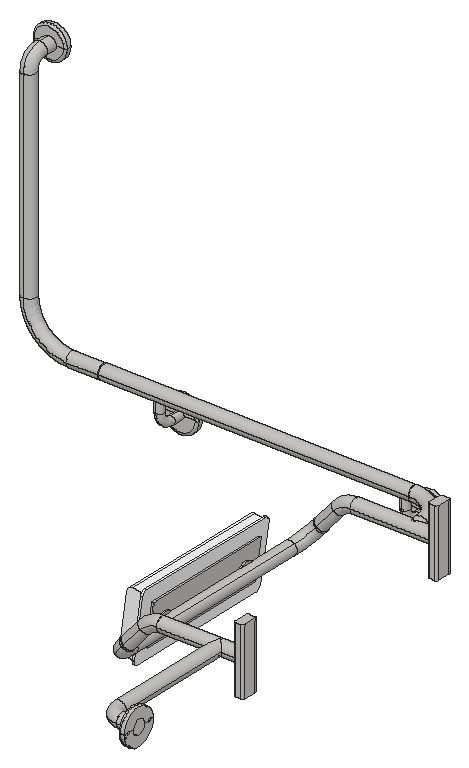
Revit family "rba-bim-rba4150-229", category Plumbing Fixtures, Revit 2016
Family settings
  Part Type = Normal
  Round Connector Dimension = Use Diameter
  Work Plane-Based = No
  Always vertical = Yes
  Cut with Voids When Loaded = No
  Shared = No
  Room Calculation Point = No
Parameters (values of type "RBA4150-229")
  Watermarked By = "www.rba.com.au"
  URL = "http://www.rba.com.au"
  R_Void [instance] = 15 mm
  R [instance] = 0 mm
  Model = "RBA4150-229"
  Manufacturer = "RBA GROUP"
  Description = "Wraparound, 2 Wall Grab Bar, 90 Deg Riser, Right Hand, Intergrated Backrest"
  Copyrighted by = "RBA Group"  # constant formula
  Backrest Material = Polyurethane White
  Assembly Code = ""
Reference planes
  plane 1 "Center (Front/Back)": y = 0
  plane 2: z = 0
  plane 3: y = -1062.5
  plane 4: y = -455
  plane 5: y = -455
  plane 6: y = -172.5
  plane 7: y = -737.5
  plane 8: y = -70.5
  plane 9: y = -86.967
  plane 10: z = -184.004
  plane 11: z = 15.996
  plane 12: z = 599.965
  plane 13: y = -910
  plane 14: z = -100
  plane 15: z = -40
  plane 16: x = 644.117
  plane 17: x = 704.117
  plane 18: z = -100
  plane 19: z = -40
  plane 20: x = 71.363
  plane 21: x = 131.363
  plane 22: z = -30
  plane 23: z = 30
  plane 24: y = -1035.317
  plane 25: y = -1095.317
  plane 26: y = -839.5
  plane 27: y = -823.034
  plane 28: y = 152.5
  plane 29: z = -100
  plane 30: z = -40
  plane 31: x = 644.117
  plane 32: x = 704.117
  plane 33: z = -100
  plane 34: z = -40
  plane 35: x = 71.363
  plane 36: x = 131.363
  plane 37: z = -30
  plane 38: z = 30
  plane 39: y = -1035.317
  plane 40: y = -1095.317
  plane 41: x = -203.637
  plane 42: y = -175.317
  plane 43: y = -740.317
  plane 44: y = -1065.317
  plane 45: x = 101.363
  plane 46: x = 846.617
  plane 47: x = 675.367
  plane 48: z = -184.004
  plane 49: y = -275.317
  plane 50: y = -640.317
Forms (mm)
  Revolve 1, solid, material "Rail Steel"
    sketch origin (865.28, -1065.317, 0) x (-1, 0, 0) y (0, -1, 0)
      loop
        line (18.663, 0) -> (18.663, -41.5) -> (27.844, -41.5)
        arc (27.844, -41.5) -> (31.337, -40.077) -> (32.842, -36.617) r 5
        line (32.842, -36.617) -> (33.701, 0) -> (18.663, 0)
      axis (18.663, 0) -> (33.701, 0)
    angle from 0 to 360
  Sweep 2, solid, material "Rail Steel"
    path origin (856.071, -1078.286, 0) x (-1, 0, 0) y (0, -1, 0)
      loop
        line (80.454, -902.969) -> (80.454, -924.5)
        arc (80.454, -924.5) -> (103.886, -981.069) -> (160.454, -1004.5) r 80
        line (160.454, -1004.5) -> (885.454, -1004.5)
    profile origin (775.617, -164.552, 0) x (-1, 0, 0) y (0, 0, 1)
      loop
        circle (0, 0) r 16
  Revolve 3, solid, material "Rail Steel"
    sketch origin (674.742, 18.346, -71.25) x (0, -1, 0) y (1, 0, 0)
      loop
        line (18.663, 0) -> (33.701, 0) -> (32.842, 36.617)
        arc (32.842, 36.617) -> (31.337, 40.077) -> (27.844, 41.5) r 5
        line (27.844, 41.5) -> (18.663, 41.5) -> (18.663, 0)
      axis (18.663, 0) -> (33.701, 0)
    angle from 0 to 360
  Sweep 4, solid, material "Rail Steel"
    path origin (675.367, 9.137, -70.11) x (0, -1, 0) y (0, 0, 1)
      loop
        line (12.302, 0) -> (50.454, 0)
        arc (50.454, 0) -> (73.082, 9.373) -> (82.454, 32) r 32
        line (82.454, 32) -> (82.454, 70.11)
    profile origin (675.367, -22.241, -70.11) x (0, 0, 1) y (-1, 0, 0)
      loop
        circle (0, 0) r 9.55
  Extrusion 5, void
    sketch origin (674.117, 32.124, 245.907) x (0, 0, -1) y (-1, 0, 0)
      loop
        circle (315.907, 30) r 5
      loop
        circle (315.907, -30) r 5
    from -37.788 to -30
  Revolve 6, solid, material "Rail Steel"
    sketch origin (101.363, 18.658, -71.25) x (0, -1, 0) y (1, 0, 0)
      loop
        line (18.663, 0) -> (33.701, 0) -> (32.842, 36.617)
        arc (32.842, 36.617) -> (31.337, 40.077) -> (27.844, 41.5) r 5
        line (27.844, 41.5) -> (18.663, 41.5) -> (18.663, 0)
      axis (18.663, 0) -> (33.701, 0)
    angle from 0 to 360
  Sweep 7, solid, material "Rail Steel"
    path origin (101.363, 9.137, -70.11) x (0, -1, 0) y (0, 0, 1)
      loop
        line (12.302, 0) -> (50.454, 0)
        arc (50.454, 0) -> (73.082, 9.373) -> (82.454, 32) r 32
        line (82.454, 32) -> (82.454, 70.11)
    profile origin (101.363, -22.241, -70.11) x (0, 0, 1) y (-1, 0, 0)
      loop
        circle (0, 0) r 9.55
  Extrusion 8, void
    sketch origin (101.363, 30.561, 245.907) x (0, 0, -1) y (-1, 0, 0)
      loop
        circle (315.907, 30) r 5
      loop
        circle (315.907, -30) r 5
    from -37.788 to -30
  Sweep 9, solid, material "Rail Steel"
    path origin (820.117, -0.786, 0) x (1, 0, 0) y (0, 0, 1)
      loop
        line (-849.5, 0) -> (-923.233, 0)
        arc (-923.233, 0) -> (-993.944, 29.289) -> (-1023.233, 100) r 100
        line (-1023.233, 100) -> (-1023.233, 568)
    profile origin (-66.25, -0.786, 0) x (0, 0, -1) y (0, -1, 0)
      loop
        circle (0, 73) r 16
  Extrusion 10, void
    sketch origin (881.558, -1065.317, 315.907) x (0, 0, -1) y (0, 1, 0)
      loop
        circle (315.907, 30) r 5
      loop
        circle (315.907, -30) r 5
    from -37.788 to -30
  Extrusion 11, solid, material "Rail Steel"
    sketch origin (843.989, -1065.317, 315.907) x (0, 0, -1) y (0, 1, 0)
      loop
        circle (315.907, 0) r 40
    from -0.219 to 2.628
  Revolve 12, solid, material "Rail Steel"
    sketch origin (865.28, -1065.317, 0) x (-1, 0, 0) y (0, -1, 0)
      loop
        line (18.663, 0) -> (18.663, -41.5) -> (27.844, -41.5)
        arc (27.844, -41.5) -> (31.337, -40.077) -> (32.842, -36.617) r 5
        line (32.842, -36.617) -> (33.701, 0) -> (18.663, 0)
      axis (18.663, 0) -> (33.701, 0)
    angle from 0 to 360
  Sweep 13, solid, material "Rail Steel"
    path origin (856.071, -1078.286, 0) x (-1, 0, 0) y (0, -1, 0)
      loop
        line (80.454, -902.969) -> (80.454, -924.5)
        arc (80.454, -924.5) -> (103.886, -981.069) -> (160.454, -1004.5) r 80
        line (160.454, -1004.5) -> (885.454, -1004.5)
    profile origin (775.617, -164.552, 0) x (-1, 0, 0) y (0, 0, 1)
      loop
        circle (0, 0) r 16
  Revolve 14, solid, material "Rail Steel"
    sketch origin (674.742, 18.346, -71.25) x (0, -1, 0) y (1, 0, 0)
      loop
        line (18.663, 0) -> (33.701, 0) -> (32.842, 36.617)
        arc (32.842, 36.617) -> (31.337, 40.077) -> (27.844, 41.5) r 5
        line (27.844, 41.5) -> (18.663, 41.5) -> (18.663, 0)
      axis (18.663, 0) -> (33.701, 0)
    angle from 0 to 360
  Sweep 15, solid, material "Rail Steel"
    path origin (675.367, 9.137, -70.11) x (0, -1, 0) y (0, 0, 1)
      loop
        line (12.302, 0) -> (50.454, 0)
        arc (50.454, 0) -> (73.082, 9.373) -> (82.454, 32) r 32
        line (82.454, 32) -> (82.454, 70.11)
    profile origin (675.367, -22.241, -70.11) x (0, 0, 1) y (-1, 0, 0)
      loop
        circle (0, 0) r 9.55
  Extrusion 16, void
    sketch origin (674.117, 32.124, 245.907) x (0, 0, -1) y (-1, 0, 0)
      loop
        circle (315.907, 30) r 5
      loop
        circle (315.907, -30) r 5
    from -37.788 to -30
  Revolve 17, solid, material "Rail Steel"
    sketch origin (101.363, 18.658, -71.25) x (0, -1, 0) y (1, 0, 0)
      loop
        line (18.663, 0) -> (33.701, 0) -> (32.842, 36.617)
        arc (32.842, 36.617) -> (31.337, 40.077) -> (27.844, 41.5) r 5
        line (27.844, 41.5) -> (18.663, 41.5) -> (18.663, 0)
      axis (18.663, 0) -> (33.701, 0)
    angle from 0 to 360
  Sweep 18, solid, material "Rail Steel"
    path origin (101.363, 9.137, -70.11) x (0, -1, 0) y (0, 0, 1)
      loop
        line (12.302, 0) -> (50.454, 0)
        arc (50.454, 0) -> (73.082, 9.373) -> (82.454, 32) r 32
        line (82.454, 32) -> (82.454, 70.11)
    profile origin (101.363, -22.241, -70.11) x (0, 0, 1) y (-1, 0, 0)
      loop
        circle (0, 0) r 9.55
  Extrusion 19, void
    sketch origin (101.363, 30.561, 245.907) x (0, 0, -1) y (-1, 0, 0)
      loop
        circle (315.907, 30) r 5
      loop
        circle (315.907, -30) r 5
    from -37.788 to -30
  Sweep 20, solid, material "Rail Steel"
    path origin (820.117, -0.786, 0) x (1, 0, 0) y (0, 0, 1)
      loop
        line (-849.5, 0) -> (-923.233, 0)
        arc (-923.233, 0) -> (-993.944, 29.289) -> (-1023.233, 100) r 100
        line (-1023.233, 100) -> (-1023.233, 568)
    profile origin (-66.25, -0.786, 0) x (0, 0, -1) y (0, -1, 0)
      loop
        circle (0, 73) r 16
  Extrusion 21, void
    sketch origin (881.558, -1065.317, 315.907) x (0, 0, -1) y (0, 1, 0)
      loop
        circle (315.907, 30) r 5
      loop
        circle (315.907, -30) r 5
    from -37.788 to -30
  Sweep 22, solid, material "Rail Steel"
    path origin (987.117, 9.683, 0) x (-1, 0, 0) y (0, 1, 0)
      loop
        line (140.5, -1075) -> (179.5, -1075)
        arc (179.5, -1075) -> (202.127, -1065.627) -> (211.5, -1043) r 32
        line (211.5, -1043) -> (211.5, -750)
    profile origin (827.117, -1065.317, 0) x (0, -1, 0) y (0, 0, 1)
      loop
        circle (0, 0) r 16
Cuts and joins
  Extrusion 5 cuts Revolve 3
  Extrusion 8 cuts Revolve 6
  Extrusion 10 cuts Revolve 1
  Extrusion 16 cuts Revolve 14
  Extrusion 19 cuts Revolve 17
  Extrusion 21 cuts Extrusion 11
  Extrusion 21 cuts Revolve 12
Dimensions and locks
  plane 1 "Center (Front/Back)" to plane 3 = 1062.5 mm
  plane 7 to plane 5 to plane 6 = 282.5 mm, 282.5 mm
  plane 7 to plane 6 = 565 mm
  plane 11 to plane 10 = 200 mm
  plane 12 to level = 599.965 mm
  Revolve 1 sketch curve to Revolve 1 sketch curve = 41.5 mm
  Revolve 3 sketch curve to Revolve 3 sketch curve = 41.5 mm
  plane 15 to plane 14 = 60 mm
  plane 16 to plane 17 = 60 mm
  Revolve 6 sketch curve to Revolve 6 sketch curve = 41.5 mm
  plane 19 to plane 18 = 60 mm
  plane 20 to plane 21 = 60 mm
  plane 23 to plane 22 = 60 mm
  plane 24 to plane 25 = 60 mm
  Revolve 12 sketch curve to Revolve 12 sketch curve = 41.5 mm
  Revolve 14 sketch curve to Revolve 14 sketch curve = 41.5 mm
  plane 30 to plane 29 = 60 mm
  plane 31 to plane 32 = 60 mm
  Revolve 17 sketch curve to Revolve 17 sketch curve = 41.5 mm
  plane 34 to plane 33 = 60 mm
  plane 35 to plane 36 = 60 mm
  plane 38 to plane 37 = 60 mm
  plane 39 to plane 40 = 60 mm
  plane 42 to plane 1 "Center (Front/Back)" = 175.317 mm
  plane 42 to plane 43 = 565 mm
  plane 43 to plane 44 = 325 mm
  plane 41 to plane 45 = 305 mm
  plane 46 to plane 47 = 171.25 mm
  plane 41 to plane 46 = 1050.254 mm
  radius of Sweep 2 sketch curve = 16 mm
  radius of Sweep 4 sketch curve = 9.55 mm
  radius of Sweep 7 sketch curve = 9.55 mm
  radius of Extrusion 11 sketch curve = 40 mm
  radius of Sweep 13 sketch curve = 16 mm
  radius of Sweep 15 sketch curve = 9.55 mm
  radius of Sweep 18 sketch curve = 9.55 mm
  angle level to Sweep 9 sketch curve = 90.00°
  angle level to plane 41 = 90.00°
  angle nested 2 to plane 48 = 98.00°
  aligned and locked: Revolve 12 to Extrusion 11
Nested families
  nested 1: "FamilyID" at (274, 0, 0), type "FamilyID"
  nested 2: "RBA4150-202" at (846.617, -134.817, -70) x (0, -1, 0) z (0, 0, 1), type "RBA4150-202"
    with R_Void 15 mm, R 0 mm
  nested 3: "FamilyID" at (274, -910, 0), type "FamilyID"
  nested 4: "MOUNTING" at (12.384, -0.766, -500.035) x (-1, 0, 0) z (0, 0, 1), type "Mount Flange"
    with R_Void 15 mm, R 0 mm
  nested 5: "FamilyID" at (-242.116, -0.766, 0), type "FamilyID"
Definition of nested family "RBA4150-202"
  Parameters
    Watermarked By = "http://www.rba.com.au"
    URL = "http://www.rba.com.au/accessible-disabled/grab-rails"
    Seat = none
    R_Void [instance] = 15 mm
    R [instance] = 0 mm
    Phone # = "1300 123 451"
    Model = "RBA4150-202"
    Manufacturer = "RBA Group"
    Description = "Bent Arm Backrest"
    Bar = none
    Backrest = none
    Assembly Code = ""
  Reference planes
    plane 1 "Center (Front/Back)": y = 0
    plane 2: z = 0
    plane 3: x = 205.5
    plane 4: x = 440.5
    plane 5: x = 40.5
    plane 6: x = 605.5
    plane 7: through (0, -369.751, -0.435) normal (0, 0.9903, -0.1392)
    plane 8: through (0, -283.646, 4.633) normal (0, 0.766, -0.6428)
    plane 9: z = -114.004
    plane 10: z = -54.004
    plane 11: x = 40.5
    plane 12: x = 605.5
  Forms (mm)
    Extrusion 1, solid, material <- "Backrest"
      sketch origin (434.319, -254.041, -33.579) x (0, 0.99863, -0.052336) y (0, -0.052336, -0.99863)
        loop
          line (-84.097, -71.275) -> (-97.04, 76.664) -> (-120.413, 74.619)
          arc (-120.413, 74.619) -> (-128.506, 70.406) -> (-131.25, 61.703) r 11.922
          line (-131.25, 61.703) -> (-120.385, -62.483)
          arc (-120.385, -62.483) -> (-116.172, -70.576) -> (-107.47, -73.32) r 11.922
          line (-107.47, -73.32) -> (-84.097, -71.275)
      from -66.181 to 288.819
    Extrusion 2, solid
      sketch origin (0, 131.026, -98.748) x (1, 0, 0) y (0, 0.990268, -0.139173)
        loop
          line (165.5, -469.83) -> (165.5, -475.44) -> (478.632, -475.44) -> (478.632, -469.83) -> (165.5, -469.83)
      from -49.824 to 50.556
    Sweep 3, solid
      path origin (0, -24.603, 313.349) x (1, 0, 0) y (0, 0.642788, 0.766044)
        loop
          line (40.5, -403) -> (40.5, -408)
          arc (40.5, -408) -> (55.145, -443.355) -> (90.5, -458) r 50
          line (90.5, -458) -> (555.5, -458)
          arc (555.5, -458) -> (590.855, -443.355) -> (605.5, -408) r 50
          line (605.5, -408) -> (605.5, -403)
      profile origin (323, -318.999, -37.499) x (0, 0.642788, 0.766044) y (0, -0.766044, 0.642788)
        loop
          circle (0, 0) r 16
    Revolve 4, solid
      sketch origin (0, 68.423, -94.295) x (1, 0, 0) y (0, 0.990268, -0.139173)
        loop
          line (195.5, -391.81) -> (195.5, -401.81) -> (185.5, -401.81) -> (185.5, -407.81) -> (205.5, -407.81) -> (205.5, -391.81) -> (195.5, -391.81)
        axis (205.5, -407.81) -> (205.5, -391.81)
      angle from 0 to 360
    Extrusion 5, solid
      sketch origin (0, -1.59, 0) x (1, 0, 0) y (0, 1, 0)
        loop
          arc (20.5, -15.41) -> (21.964, -18.945) -> (25.5, -20.41) r 5
          line (25.5, -20.41) -> (55.5, -20.41)
          arc (55.5, -20.41) -> (59.036, -18.945) -> (60.5, -15.41) r 5
          line (60.5, -15.41) -> (60.5, -3.41)
          arc (60.5, -3.41) -> (59.036, 0.126) -> (55.5, 1.59) r 5
          line (55.5, 1.59) -> (25.5, 1.59)
          arc (25.5, 1.59) -> (21.964, 0.126) -> (20.5, -3.41) r 5
          line (20.5, -3.41) -> (20.5, -15.41)
      from -7.5 to 147.5
    Sweep 6, solid
      path origin (40.5, -15.544, 0) x (0, -1, 0) y (0, 0, 1)
        loop
          line (2.404, 70) -> (189.938, 70)
          arc (189.938, 70) -> (211.069, 65.315) -> (228.24, 52.139) r 50
          line (228.24, 52.139) -> (268.102, 4.633)
      profile origin (40.5, -111.715, 70) x (0, 0, 1) y (-1, 0, 0)
        loop
          circle (0, 0) r 16
    Extrusion 7, solid
      sketch origin (565, -1.59, 0) x (1, 0, 0) y (0, 1, 0)
        loop
          arc (20.5, -15.41) -> (21.964, -18.945) -> (25.5, -20.41) r 5
          line (25.5, -20.41) -> (55.5, -20.41)
          arc (55.5, -20.41) -> (59.036, -18.945) -> (60.5, -15.41) r 5
          line (60.5, -15.41) -> (60.5, -3.41)
          arc (60.5, -3.41) -> (59.036, 0.126) -> (55.5, 1.59) r 5
          line (55.5, 1.59) -> (25.5, 1.59)
          arc (25.5, 1.59) -> (21.964, 0.126) -> (20.5, -3.41) r 5
          line (20.5, -3.41) -> (20.5, -15.41)
      from -7.5 to 147.5
    Extrusion 8, solid, material <- "Backrest"
      sketch origin (0, -123.072, -61.269) x (1, 0, 0) y (0, 0.139173, 0.990268)
        loop
          line (150.5, -83.885) -> (495.5, -83.885)
          arc (495.5, -83.885) -> (502.571, -80.956) -> (505.5, -73.885) r 10
          line (505.5, -73.885) -> (505.5, 71.115)
          arc (505.5, 71.115) -> (502.571, 78.186) -> (495.5, 81.115) r 10
          line (495.5, 81.115) -> (150.5, 81.115)
          arc (150.5, 81.115) -> (143.429, 78.186) -> (140.5, 71.115) r 10
          line (140.5, 71.115) -> (140.5, -73.885)
          arc (140.5, -73.885) -> (143.429, -80.956) -> (150.5, -83.885) r 10
      from 218.537 to 223.537
    Sweep 9, solid
      path origin (605.5, -15.544, 0) x (0, -1, 0) y (0, 0, 1)
        loop
          line (2.404, 70) -> (189.938, 70)
          arc (189.938, 70) -> (211.069, 65.315) -> (228.24, 52.139) r 50
          line (228.24, 52.139) -> (268.102, 4.633)
      profile origin (605.5, -111.715, 70) x (0, 0, 1) y (-1, 0, 0)
        loop
          circle (0, 0) r 16
    Revolve 10, solid
      sketch origin (235, 68.389, -94.208) x (1, 0, 0) y (0, 0.990268, -0.139173)
        loop
          line (195.5, -391.81) -> (195.5, -401.81) -> (185.5, -401.81) -> (185.5, -407.81) -> (205.5, -407.81) -> (205.5, -391.81) -> (195.5, -391.81)
        axis (205.5, -407.81) -> (205.5, -391.81)
      angle from 0 to 360
  Cuts and joins
    joined: Sweep 3, Extrusion 5, Sweep 6, Extrusion 7
    joined: Extrusion 2, Revolve 4
    joined: Extrusion 1, Extrusion 8
  Dimensions and locks
    plane 4 to plane 3 = 235 mm
    Extrusion 5 sketch curve to Extrusion 5 sketch curve = 22 mm
    Extrusion 5 sketch curve to plane 5 to Extrusion 5 sketch curve = 20 mm, 20 mm
    Extrusion 7 sketch curve to Extrusion 7 sketch curve = 22 mm
    Extrusion 7 sketch curve to plane 6 to Extrusion 7 sketch curve = 20 mm, 20 mm
    cut or joined group of Sweep 3, Extrusion 5, Sweep 6, Extrusion 7 to cut or joined group of Sweep 3, Extrusion 5, Sweep 6, Extrusion 7 = 155 mm
    cut or joined group of Extrusion 1, Extrusion 8 to cut or joined group of Extrusion 1, Extrusion 8 = 40.384 mm
    cut or joined group of Extrusion 1, Extrusion 8 to cut or joined group of Extrusion 1, Extrusion 8 = 365 mm
    plane 11 to plane 12 = 565 mm
    angle plane 7 to plane 9 = 98.00°
  Nested families
    nested 1: "FamilyID" at (24.5, 0, 0), type "FamilyID"
  Definition of nested family "FamilyID"
    Parameters
      Watermarked By = ""
    Reference planes
      plane 1: y = 0
      plane 2: x = 0
    Text (mm)
      text "RBA COPYRIGHT" at (0.001, 0.001, 0)
Definition of nested family "MOUNTING"
  Parameters
    Watermarked By = "www.rba.com.au"
    URL = ""
    R_Void [instance] = 15 mm
    R [instance] = 0 mm
    Model = ""
    Manufacturer = "RBA GROUP"
    Description = ""
    BAR = none
    Assembly Code = ""
  Reference planes
    plane 1 "Center (Front/Back)": y = 0
    plane 2: z = 0
    plane 3: x = 40.5
    plane 4: x = 715.5
    plane 5: z = 1100
    plane 6: x = 215.5
    plane 7: x = 378
    plane 8: z = 1130
    plane 9: x = 243
    plane 10: x = 188
    plane 11: y = 0
    plane 12: y = -73
  Forms (mm)
    Extrusion 1, solid
      sketch origin (215.5, -2.628, 1415.907) x (0, 0, -1) y (-1, 0, 0)
        loop
          circle (315.907, 0) r 37.5
      from -7.372 to 2.628
    Revolve 2, solid
      sketch origin (215.5, 18.663, 1100) x (0, -1, 0) y (1, 0, 0)
        loop
          line (18.663, 0) -> (18.663, -39) -> (27.902, -39)
          arc (27.902, -39) -> (31.396, -37.577) -> (32.901, -34.117) r 5
          line (32.901, -34.117) -> (33.701, 0) -> (18.663, 0)
        axis (18.663, 0) -> (33.701, 0)
      angle from 0 to 360
    Sweep 3, solid
      path origin (215.5, 11.454, 1100) x (0, -1, 0) y (0, 0, 1)
        loop
          line (11.454, 0.035) -> (52.479, 0.035)
          arc (52.479, 0.035) -> (75.107, -9.338) -> (84.479, -31.965) r 32
      profile origin (215.5, -20.512, 1100.035) x (0, 0, 1) y (-1, 0, 0)
        loop
          circle (0, 0) r 16
    Extrusion 4, void
      sketch origin (215.5, 34.941, 1415.907) x (0, 0, -1) y (-1, 0, 0)
        loop
          circle (315.907, -27.5) r 5
        loop
          circle (315.907, 27.5) r 5
      from -46.533 to -30
  Cuts and joins
    Extrusion 4 cuts Revolve 2
    Extrusion 4 cuts Extrusion 1
  Dimensions and locks
    plane 5 to level = 1100 mm
    plane 4 to plane 6 to plane 3 = 500 mm, 175 mm
    Revolve 2 sketch curve to Revolve 2 sketch curve = 39 mm
    plane 10 to plane 9 = 55 mm
    radius of Extrusion 1 sketch curve = 37.5 mm
    radius of Sweep 3 sketch curve = 16 mm
    aligned and locked: Revolve 2 to Extrusion 1
  Nested families
    nested 1: "FamilyID" at (1.5, 0, 0), type "FamilyID"
  Definition of nested family "FamilyID"
    Reference planes
      plane 1: y = 0
      plane 2: x = 0
    Text (mm)
      text "RBA COPYRIGHT" at (0.001, 0.001, 0)
Definition of nested family "FamilyID"
  Reference planes
    plane 1: y = 0
    plane 2: x = 0
  Text (mm)
    text "RBA COPYRIGHT" at (0.001, 0.001, 0)
